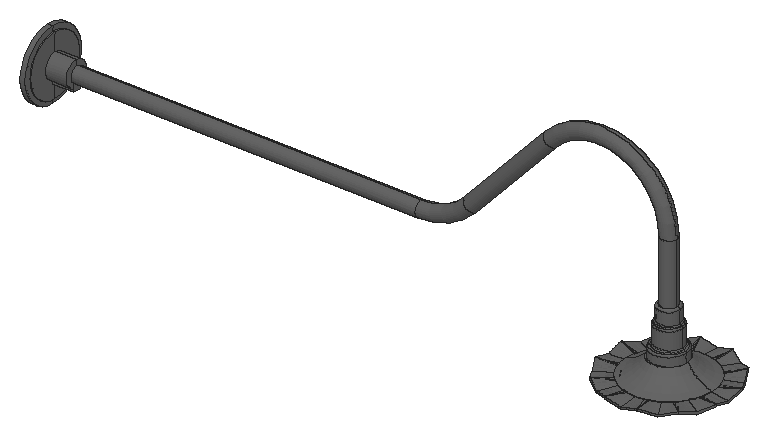
Revit family "Radial 8,12,16,18,20,24 LED", category Lighting Fixtures, Revit 2020 (continued)
Definition of nested family "R924_1"
  Definition of nested family "R924"
    Forms (in)
      Revolve 13, solid, material <- "body", visible <- "R924"
        sketch origin (-40.40707, 0, -13.56592) x (1, 0, 0) y (0, 0, 1)
          loop
            line (38.68832, 19.02355) -> (38.68832, 17.1677)
            arc (38.68832, 17.1677) -> (38.66965, 17.10198) -> (38.61922, 17.0559) r 0.125
            line (38.61922, 17.0559) -> (38.50674, 16.99966)
            arc (38.50674, 16.99966) -> (38.4566, 16.95404) -> (38.43765, 16.88895) r 0.125
            line (38.43765, 16.88895) -> (38.43068, 16.09045) -> (37.81868, 16.09045)
            arc (37.81868, 16.09045) -> (37.74198, 16.06415) -> (37.69756, 15.99632) r 0.125
            arc (37.69756, 15.99632) -> (37.0504, 14.86618) -> (35.91364, 14.23075) r 2.43675
            arc (35.91364, 14.23075) -> (34.63728, 13.95906) -> (33.33872, 13.82994) r 11.8025
            line (33.33872, 13.82994) -> (33.33872, 13.76738)
            arc (33.33872, 13.76738) -> (34.64514, 13.89703) -> (35.92924, 14.17022) r 11.865
            arc (35.92924, 14.17022) -> (37.09465, 14.82205) -> (37.75812, 15.98088) r 2.49925
            arc (37.75812, 15.98088) -> (37.78033, 16.0148) -> (37.81868, 16.02795) r 0.0625
            line (37.81868, 16.02795) -> (38.49264, 16.02795) -> (38.50015, 16.8884)
            arc (38.50015, 16.8884) -> (38.50962, 16.92095) -> (38.53469, 16.94376) r 0.0625
            line (38.53469, 16.94376) -> (38.64717, 17)
            arc (38.64717, 17) -> (38.72281, 17.06913) -> (38.75082, 17.1677) r 0.1875
            line (38.75082, 17.1677) -> (38.75082, 19.02355)
            arc (38.75082, 19.02355) -> (38.75821, 19.05304) -> (38.77865, 19.07555) r 0.0625
            line (38.77865, 19.07555) -> (38.85482, 19.12634)
            arc (38.85482, 19.12634) -> (38.91613, 19.19387) -> (38.93832, 19.28234) r 0.1875
            line (38.93832, 19.28234) -> (38.93832, 20.4342)
            arc (38.93832, 20.4342) -> (38.95662, 20.47839) -> (39.00082, 20.4967) r 0.0625
            line (39.00082, 20.4967) -> (40.15707, 20.4967) -> (40.15707, 20.56592) -> (39.00082, 20.56592)
            arc (39.00082, 20.56592) -> (38.91243, 20.52931) -> (38.87582, 20.44092) r 0.125
          axis (40.40707, 20.56592) -> (40.40707, 13.76738)
        angle from 0 to 360
    Lines and regions (in)
      sketch lines
        curve 1: line (-12, 0, 0.3125) -> (-5, 0, 0.3125)
        curve 2: line (-10.3923, 6, 0.3125) -> (-4.33013, 2.5, 0.3125)
        curve 3: line (-6, 10.3923, 0.3125) -> (-2.5, 4.33013, 0.3125)
        curve 4: line (0, 12, 0.3125) -> (0, 5, 0.3125)
        curve 5: line (6, 10.3923, 0.3125) -> (2.5, 4.33013, 0.3125)
        curve 6: line (10.3923, 6, 0.3125) -> (4.33013, 2.5, 0.3125)
        curve 7: line (12, 0, 0.3125) -> (5, 0, 0.3125)
        curve 8: line (10.3923, -6, 0.3125) -> (4.33013, -2.5, 0.3125)
        curve 9: line (6, -10.3923, 0.3125) -> (2.5, -4.33013, 0.3125)
        curve 10: line (0, -12, 0.3125) -> (0, -5, 0.3125)
        curve 11: line (-6, -10.3923, 0.3125) -> (-2.5, -4.33013, 0.3125)
        curve 12: line (-10.3923, -6, 0.3125) -> (-4.33013, -2.5, 0.3125)
    Dimensions and locks (in)
      plane 4 to plane 2 = 0' - 7"
      plane 5 to plane 3 "Center (Left/Right)" = 1' - 0"
      aligned and locked: plane 2 to level
Types (7): name | a | Weight | Wattage Comments | Wattage | URL | R924 | R920 | R918 | R916 | R912 | R908 | Model | built-in parameter 1150105 | Lumens | built-in parameter 1150106 | Fixture Height | Fixture Diameter | Apparent Load
  (no name) | 0' - 8 1/2" | "1.0 lbs" | "10 W" | 8.41513 W | "https://www.anplighting.com/assets/Uploads/product-attachments/specification-sheets/ANP-Specification-Sheet-RLM-LED-R908.pdf" | no | no | no | no | no | yes | "R908" | 193.56 (stored number, unit not read) | 1250 lm | 1.9356 (stored number, unit not read) | 0' - 4 1/2" | 0' - 8" | 10 VA
  R908 | 0' - 8 1/2" | "1.0 lbs" | "10 W" | 8.41513 W | "https://www.anplighting.com/assets/Uploads/product-attachments/specification-sheets/ANP-Specification-Sheet-RLM-LED-R908.pdf" | no | no | no | no | no | yes | "R908" | 193.56 (stored number, unit not read) | 1250 lm | 1.9356 (stored number, unit not read) | 0' - 4 1/2" | 0' - 8" | 10 VA
  R912 | 0' - 9" | "1.0 lbs" | "16 W" | 13.4642 W | "https://www.anplighting.com/assets/Uploads/product-attachments/specification-sheets/ANP-Specification-Sheet-RLM-LED-R912.pdf" | no | no | no | no | yes | no | "R912" | 309.69 (stored number, unit not read) | 2000 lm | 3.0969 (stored number, unit not read) | 0' - 5 1/8" | 1' - 0" | 16 VA
  R916 | 0' - 11" | "2.0 lbs" | "16 W" | 13.4642 W | "https://www.anplighting.com/assets/Uploads/product-attachments/specification-sheets/ANP-Specification-Sheet-RLM-LED-R916.pdf" | no | no | no | yes | no | no | "R916" | 309.69 (stored number, unit not read) | 2000 lm | 3.0969 (stored number, unit not read) | 0' - 6 3/4" | 1' - 4" | 16 VA
  R918 | 0' - 11" | "2.0 lbs" | "24 W" | 13.4642 W | "https://www.anplighting.com/assets/Uploads/product-attachments/specification-sheets/ANP-Specification-Sheet-RLM-LED-R918.pdf" | no | no | yes | no | no | no | "R918" | 309.69 (stored number, unit not read) | 2000 lm | 3.0969 (stored number, unit not read) | 0' - 6 7/8" | 1' - 6" | 24 VA
  R920 | 0' - 11" | "2.5 lbs" | "24 W" | 20.1963 W | "https://www.anplighting.com/assets/Uploads/product-attachments/specification-sheets/ANP-Specification-Sheet-RLM-LED-R920.pdf" | no | yes | no | no | no | no | "R920" | 464.54 (stored number, unit not read) | 3000 lm | 4.6454 (stored number, unit not read) | 0' - 7" | 1' - 8" | 24 VA
  R924 | 0' - 11" | "3.0 lbs" | "24 W" | 20.1963 W | "https://www.anplighting.com/assets/Uploads/product-attachments/specification-sheets/ANP-Specification-Sheet-RLM-LED-R924.pdf" | yes | no | no | no | no | no | "R924" | 464.54 (stored number, unit not read) | 3000 lm | 4.6454 (stored number, unit not read) | 0' - 7" | 2' - 0" | 24 VA
